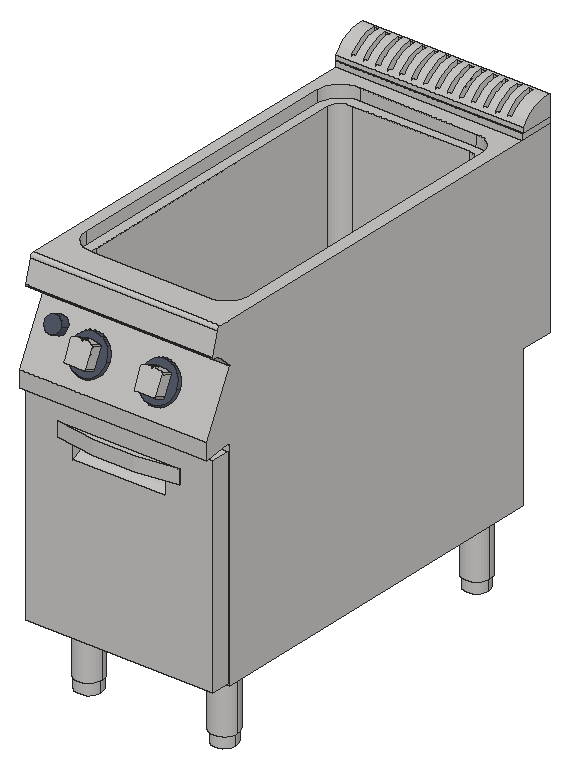
Revit family "QF_ZANUSSI_392410_Z9OOCSBAMC", category Specialty Equipment, Revit 2018
Family settings
  Round Connector Dimension = Use Diameter
  Part Type = Normal
  Work Plane-Based = No
  Always vertical = Yes
  Cut with Voids When Loaded = No
  Shared = No
  Room Calculation Point = No
Parameters (values of type "Standard")
  Weight = 62.00 kg
  Watts = 0 W
  Volts = 0 V
  URL Manufacturer = "http://www.zanussiprofessional.com"
  URL = "http://www.zanussiprofessional.com"
  Steam Supply Size = 0"
  Steam Supply Minimum Pressure = 0.00 psi
  Steam Supply Maximum Pressure = 0.00 psi
  Steam Pounds per Hour = 0
  Show Logo [instance] = yes
  Show Clearance [instance] = yes
  Refrigeration Suction Line Size = 0"
  Refrigeration Liquid Line Size = 0"
  Refrigerant Compressor Remote = yes
  Phase = 0
  Model = "Z9OOCSBAMC"
  Manufacturer = "Zanussi"
  Length Actual = 400 mm  # constant formula
  Item Number = "392410"
  Hot Water Size = 0"
  Height Actual = 850 mm  # constant formula
  HP = "0 HP"
  Gas Size = 1/2"
  Gas KW = 16.5
  Gas Input Pressure = 0.551577 Btu/h
  Direct Waste Size = 1"
  Description = "GAS PASTA COOKER 1X40 LT WELL (AUS)"
  Depth Actual = 900 mm  # constant formula
  Cycle = 0 Hz
  Condensate Return Size = 0"
  Compressed Air Volume = 0 GPM
  Compressed Air Size = 0"
  Compressed Air Pressure = 0.00 psi
  Cold Water Size = 3/4"
  Accessory = yes
Reference planes
  plane 1 "BACK": y = 0
  plane 2: z = 0
  plane 3 "LEFT": x = 0
  plane 4 "RIGHT": x = 400
  plane 5 "FRONT": y = -915
  plane 6 "TOP": z = 908
  plane 7 "Center Y": x = 200
  plane 8 "Center X": y = -457.5
  plane 9 "BASE": z = 600
  plane 10 "TOP A": z = 850
  plane 11: z = 150
  plane 12: y = -126
  plane 13: y = -800
  plane 14: x = 345
  plane 15: x = 55
  plane 16: y = -1273
  plane 17: x = 65
  plane 18: x = 232
  plane 19: x = 334.782
  plane 20: y = -900
Forms (mm)
  Extrusion 1, solid, material "QF_Finishes_Stainless Steel"
    sketch origin (0, 0, 0) x (0, 1, 0) y (0, 0, 1)
      loop
        line (0, 450.038) -> (0, 850) -> (-879.358, 850)
        arc (-879.358, 850) -> (-884.643, 847.811) -> (-886.833, 842.526) r 7.474
        line (-886.833, 842.526) -> (-899.884, 797.011)
        arc (-899.884, 797.011) -> (-899.396, 794.379) -> (-897, 793.184) r 3
        line (-897, 793.184) -> (-886.802, 793.184) -> (-854.982, 761.364) -> (-915, 640.508) -> (-915, 605.508) -> (-858.645, 613.428)
        arc (-858.645, 613.428) -> (-856.101, 612.674) -> (-855, 610.259) r 3.2
        line (-855, 610.259) -> (-855, 150) -> (-71.437, 150) -> (-71.437, 450.038) -> (0, 450.038)
      loop
        line (-900, 600) -> (-900, 155) -> (-860, 155) -> (-860, 600) -> (-900, 600)
    from 0 to 400
  Extrusion 2, void
    sketch origin (0, 0, 850) x (-1, 0, 0) y (0, -1, 0)
      loop
        arc (-75, 101.89) -> (-39.645, 116.535) -> (-25, 151.89) r 50
        line (-25, 151.89) -> (-25, 770)
        arc (-25, 770) -> (-39.645, 805.355) -> (-75, 820) r 50
        line (-75, 820) -> (-325, 820)
        arc (-325, 820) -> (-360.355, 805.355) -> (-375, 770) r 50
        line (-375, 770) -> (-375, 151.89)
        arc (-375, 151.89) -> (-360.355, 116.535) -> (-325, 101.89) r 50
        line (-325, 101.89) -> (-75, 101.89)
    from 0 to -25
  Extrusion 3, solid, material "QF_Clearances", visible <- "Show Clearance", detail levels coarse
    sketch origin (0, 0, 0) x (1, 0, 0) y (0, 1, 0)
      loop
        line (0, -915) -> (0, 0) -> (400, 0) -> (400, -915) -> (550.019, -915) -> (550.019, 150.019) -> (-150.019, 150.019) -> (-150.019, -915) -> (0, -915)
    from 0 to 908
  Revolve 4, solid, material "QF_Finishes_Stainless Steel"
    sketch origin (0, -126, 608.09) x (0, 0, 1) y (-1, 0, 0)
      loop
        line (-608.09, -55) -> (-458.09, -55) -> (-458.09, -26) -> (-583.09, -26) -> (-583.09, -28.75) -> (-608.09, -28.75) -> (-608.09, -55)
      axis (-608.09, -55) -> (-458.09, -55)
    angle from 0 to 360
  Revolve 5, solid, material "QF_Finishes_Stainless Steel"
    sketch origin (400.05, -126, 608.09) x (0, 0, 1) y (-1, 0, 0)
      loop
        line (-608.09, 55.05) -> (-608.09, 29.8) -> (-583.09, 29.8) -> (-583.09, 26.05) -> (-458.09, 26.05) -> (-458.09, 55.05) -> (-608.09, 55.05)
      axis (-608.09, 55.05) -> (-458.09, 55.05)
    angle from 0 to 360
  Revolve 6, solid, material "QF_Finishes_Stainless Steel"
    sketch origin (400.05, -800, 608.09) x (0, 0, 1) y (-1, 0, 0)
      loop
        line (-608.09, 55.05) -> (-608.09, 29.8) -> (-583.09, 29.8) -> (-583.09, 26.05) -> (-458.09, 26.05) -> (-458.09, 55.05) -> (-608.09, 55.05)
      axis (-608.09, 55.05) -> (-458.09, 55.05)
    angle from 0 to 360
  Extrusion 7, solid, material "QF_Finishes_Stainless Steel"
    sketch origin (200, 0, 0) x (0, 1, 0) y (0, 0, 1)
      loop
        line (-71.89, 862.9) -> (-71.89, 850) -> (0, 850) -> (0, 862.9) -> (-71.89, 862.9)
    from -200 to 200
  Revolve 8, solid, material "QF_Finishes_Stainless Steel"
    sketch origin (0, -800, 608.09) x (0, 0, 1) y (1, 0, 0)
      loop
        line (-608.09, 55) -> (-608.09, 28.75) -> (-583.09, 28.75) -> (-583.09, 26) -> (-458.09, 26) -> (-458.09, 55) -> (-608.09, 55)
      axis (-608.09, 55) -> (-458.09, 55)
    angle from 0 to 360
  Extrusion 9, solid, material "QF_Finishes_Stainless Steel"
    sketch origin (0, 0, 574.263) x (0, 1, 0) y (0, 0, 1)
      loop
        line (0, 288.637) -> (0, 333.737)
        arc (0, 333.737) -> (-39.584, 325.765) -> (-69.85, 299.037) r 77.853
        line (-69.85, 299.037) -> (-69.85, 288.637) -> (0, 288.637)
    from 0 to 400
  Extrusion 10, void
    sketch origin (0, 0, 848.9) x (0, -1, 0) y (1, 0, 0)
      loop
        line (6.761, 28.703) -> (63.911, 28.703) -> (63.911, 37.999) -> (6.761, 37.999) -> (6.761, 28.703)
      loop
        line (63.911, 63.487) -> (6.761, 63.487) -> (6.761, 54.191) -> (63.911, 54.191) -> (63.911, 63.487)
      loop
        line (63.911, 89.975) -> (6.761, 89.975) -> (6.761, 80.68) -> (63.911, 80.68) -> (63.911, 89.975)
      loop
        line (63.911, 115.464) -> (6.761, 115.464) -> (6.761, 106.168) -> (63.911, 106.168) -> (63.911, 115.464)
      loop
        line (63.911, 140.952) -> (6.761, 140.952) -> (6.761, 131.656) -> (63.911, 131.656) -> (63.911, 140.952)
      loop
        line (63.911, 166.44) -> (6.761, 166.44) -> (6.761, 157.145) -> (63.911, 157.145) -> (63.911, 166.44)
      loop
        line (63.911, 191.929) -> (6.761, 191.929) -> (6.761, 182.633) -> (63.911, 182.633) -> (63.911, 191.929)
      loop
        line (63.911, 217.417) -> (6.761, 217.417) -> (6.761, 208.121) -> (63.911, 208.121) -> (63.911, 217.417)
      loop
        line (63.911, 242.905) -> (6.761, 242.905) -> (6.761, 233.61) -> (63.911, 233.61) -> (63.911, 242.905)
      loop
        line (63.911, 268.394) -> (6.761, 268.394) -> (6.761, 259.098) -> (63.911, 259.098) -> (63.911, 268.394)
      loop
        line (63.911, 293.882) -> (6.761, 293.882) -> (6.761, 284.586) -> (63.911, 284.586) -> (63.911, 293.882)
      loop
        line (63.911, 319.37) -> (6.761, 319.37) -> (6.761, 310.075) -> (63.911, 310.075) -> (63.911, 319.37)
      loop
        line (63.911, 345.859) -> (6.761, 345.859) -> (6.761, 336.563) -> (63.911, 336.563) -> (63.911, 345.859)
      loop
        line (63.911, 370.347) -> (6.761, 370.347) -> (6.761, 361.051) -> (63.911, 361.051) -> (63.911, 370.347)
    from 25.4 to 63.5
  Extrusion 11, void
    sketch origin (0, 0, 791) x (0, 1, 0) y (-1, 0, 0)
      loop
        arc (-121.89, -75) -> (-130.677, -53.787) -> (-151.89, -45) r 30
        line (-151.89, -45) -> (-606.643, -45)
        arc (-606.643, -45) -> (-627.856, -53.787) -> (-636.643, -75) r 30
        line (-636.643, -75) -> (-636.643, -325)
        arc (-636.643, -325) -> (-627.856, -346.213) -> (-606.643, -355) r 30
        line (-606.643, -355) -> (-151.89, -355)
        arc (-151.89, -355) -> (-130.677, -346.213) -> (-121.89, -325) r 30
        line (-121.89, -325) -> (-121.89, -75)
    from 35 to -339.237
  Extrusion 12, void
    sketch origin (0, -1273.285, 791) x (0, 1, 0) y (-1, 0, 0)
      loop
        line (473.285, -75) -> (473.285, -325)
        arc (473.285, -325) -> (482.072, -346.213) -> (503.285, -355) r 30
        line (503.285, -355) -> (666.643, -355)
        arc (666.643, -355) -> (645.429, -346.213) -> (636.643, -325) r 30
        line (636.643, -325) -> (636.643, -75)
        arc (636.643, -75) -> (645.429, -53.787) -> (666.643, -45) r 30
        line (666.643, -45) -> (503.285, -45)
        arc (503.285, -45) -> (482.072, -53.787) -> (473.285, -75) r 30
    from 35 to -189.237
  Extrusion 13, solid, material "QF_Finishes_Stainless Steel"
    sketch origin (0, 0, 0) x (1, 0, 0) y (0, 1, 0)
      loop
        circle (232, -780) r 12.7
    from 176 to 292.788
  Extrusion 14, solid, material "QF_Finishes_Stainless Steel"
    sketch origin (-72.372, 89.372, 0) x (1, 0, 0) y (0, 1, 0)
      loop
        circle (137.372, -792.372) r 6.35
    from 190 to 292.788
  Extrusion 15, solid, material "QF_Finishes_Stainless Steel"
    sketch origin (152.628, 92.372, 0) x (1, 0, 0) y (0, 1, 0)
      loop
        circle (182.372, -792.372) r 9.525
    from 200 to 331.575
  Extrusion 16, solid, material "QF_Plastic-Black-Matte"
    sketch origin (67.5, -884.991, 700.055) x (0, 0.439631, 0.898178) y (0, 0.898178, -0.439631)
      loop
        line (26.984, -34) -> (23.984, -34) -> (23.984, -35) -> (26.984, -35)
        arc (26.984, -35) -> (27.691, -34.707) -> (27.984, -34) r 1
        line (27.984, -34) -> (27.984, -19) -> (26.984, -19) -> (26.984, -34)
    from -58.5 to -56.5
  Extrusion 17, solid, material "QF_Finishes_Stainless Steel"
    sketch origin (125, -884.991, 700.055) x (-1, 0, 0) y (0, -0.439631, -0.898178)
      loop
        line (17.5, -17.5) -> (17.5, 17.5) -> (-17.5, 17.5) -> (-17.5, -17.5) -> (17.5, -17.5)
    from 5 to 10
  Extrusion 18, solid, material "QF_Finishes_Stainless Steel"
    sketch origin (125, -884.991, 700.055) x (-1, 0, 0) y (0, -0.439631, -0.898178)
      loop
        arc (-21.147, -22.789) -> (0, -26.984) -> (21.147, -22.789) r 55.4
        arc (21.147, -22.789) -> (22.494, -21.685) -> (23, -20.019) r 2.997
        line (23, -20.019) -> (23, 20.019)
        arc (23, 20.019) -> (22.122, 22.138) -> (20.003, 23.016) r 2.997
        line (20.003, 23.016) -> (-20.003, 23.016)
        arc (-20.003, 23.016) -> (-22.122, 22.138) -> (-23, 20.019) r 2.997
        line (-23, 20.019) -> (-23, -20.019)
        arc (-23, -20.019) -> (-22.494, -21.685) -> (-21.147, -22.789) r 2.997
    from 10 to 34
  Blend 19, solid, material "QF_Finishes_Navy Blue"
    base sketch origin (125, -884.991, 700.055) x (1, 0, 0) y (0, 0.439631, 0.898178)
      loop
        circle (0, 0) r 42.5
    top sketch origin (125, -884.991, 700.055) x (1, 0, 0) y (0, 0.439631, 0.898178)
      loop
        circle (0, 0) r 40.5
    from 0 to 5
  Extrusion 20, solid, material "QF_Finishes_Navy Blue"
    sketch origin (107.51, -872.359, 725.862) x (1, 0, 0) y (0, 0.439631, 0.898178)
      loop
        circle (-55.001, 0) r 18
    from 3 to 23
  Extrusion 21, solid, material "QF_Finishes_Stainless Steel"
    sketch origin (-31.491, -872.359, 725.862) x (1, 0, 0) y (0, 0.439631, 0.898178)
      loop
        circle (84, 0) r 15
    from 3 to 0
  Extrusion 22, solid, material "QF_Plastic-Black-Matte"
    sketch origin (217.5, -884.991, 700.055) x (0, 0.439631, 0.898178) y (0, 0.898178, -0.439631)
      loop
        line (26.984, -34) -> (23.984, -34) -> (23.984, -35) -> (26.984, -35)
        arc (26.984, -35) -> (27.691, -34.707) -> (27.984, -34) r 1
        line (27.984, -34) -> (27.984, -19) -> (26.984, -19) -> (26.984, -34)
    from -58.5 to -56.5
  Extrusion 23, solid, material "QF_Finishes_Stainless Steel"
    sketch origin (275, -884.991, 700.055) x (-1, 0, 0) y (0, -0.439631, -0.898178)
      loop
        line (17.5, -17.5) -> (17.5, 17.5) -> (-17.5, 17.5) -> (-17.5, -17.5) -> (17.5, -17.5)
    from 5 to 10
  Extrusion 24, solid, material "QF_Finishes_Stainless Steel"
    sketch origin (275, -884.991, 700.055) x (-1, 0, 0) y (0, -0.439631, -0.898178)
      loop
        arc (-21.147, -22.789) -> (0, -26.984) -> (21.147, -22.789) r 55.4
        arc (21.147, -22.789) -> (22.494, -21.685) -> (23, -20.019) r 2.997
        line (23, -20.019) -> (23, 20.019)
        arc (23, 20.019) -> (22.122, 22.138) -> (20.003, 23.016) r 2.997
        line (20.003, 23.016) -> (-20.003, 23.016)
        arc (-20.003, 23.016) -> (-22.122, 22.138) -> (-23, 20.019) r 2.997
        line (-23, 20.019) -> (-23, -20.019)
        arc (-23, -20.019) -> (-22.494, -21.685) -> (-21.147, -22.789) r 2.997
    from 10 to 34
  Blend 25, solid, material "QF_Finishes_Navy Blue"
    base sketch origin (275, -884.991, 700.055) x (1, 0, 0) y (0, 0.439631, 0.898178)
      loop
        circle (0, 0) r 42.5
    top sketch origin (275, -884.991, 700.055) x (1, 0, 0) y (0, 0.439631, 0.898178)
      loop
        circle (0, 0) r 40.5
    from 0 to 5
  Extrusion 26, solid, material "QF_Finishes_Door Clearance", visible <- "Show Clearance", detail levels coarse
    sketch origin (0, -200, 850) x (-1, 0, 0) y (0, -1, 0)
      loop
        arc (0, 672.137) -> (-117.157, 954.98) -> (-400, 1072.137) r 400
        line (-400, 1072.137) -> (-400, 672.137) -> (0, 672.137)
    from -695 to -250
  Extrusion 27, solid, material "QF_Finishes_Stainless Steel"
    sketch origin (-77.88, -4772, 130) x (-1, 0, 0) y (0, -1, 0)
      loop
        arc (-147.606, -3871.085) -> (-277.88, -3857) -> (-408.153, -3871.085) r 609.497
        line (-408.153, -3871.085) -> (-408.153, -3872) -> (-147.606, -3872) -> (-147.606, -3871.085)
    from 400 to 430
  Extrusion 28, void
    sketch origin (200, -227.862, -20) x (0, 1, 0) y (0, 0, 1)
      loop
        line (-672.137, 567) -> (-672.137, 517)
        arc (-672.137, 517) -> (-656.47, 524.721) -> (-650.137, 541) r 24.091
        line (-650.137, 541) -> (-650.137, 567) -> (-672.137, 567)
    from -100 to 100
Cuts and joins
  Extrusion 2, Extrusion 11, Extrusion 12, Extrusion 28 cuts Extrusion 1
  Extrusion 10 cuts Extrusion 9
Lines and regions (mm)
  Split face 1
    outline origin (125, -889.482, 702.253) x (1, 0, 0) y (0, 0.439631, 0.898178)
      loop
        circle (0, 34.714) r 1.714
  Split face 2
    outline origin (125, -889.482, 702.253) x (1, 0, 0) y (0, 0.439631, 0.898178)
      loop
        circle (-17.357, 30.063) r 2
  Split face 3
    outline origin (125, -889.482, 702.253) x (1, 0, 0) y (0, 0.439631, 0.898178)
      loop
        circle (17.357, 30.063) r 2
  Split face 4
    outline origin (125, -889.482, 702.253) x (1, 0, 0) y (0, 0.439631, 0.898178)
      loop
        line (-23.985, -28.584) -> (-20.542, -24.481)
        arc (-20.542, -24.481) -> (-27.511, -15.911) -> (-31.231, -5.511) r 32.719
        line (-31.231, -5.511) -> (-37.141, -6.549)
        arc (-37.141, -6.549) -> (-32.568, -18.764) -> (-23.985, -28.584) r 36.411
  Split face 5
    outline origin (125, -889.482, 702.253) x (1, 0, 0) y (0, 0.439631, 0.898178)
      loop
        arc (20.441, -26.163) -> (0.211, -32.559) -> (-19.689, -25.201) r 32.719
        line (-19.689, -25.201) -> (-22.952, -29.377)
        arc (-22.952, -29.377) -> (-0.277, -36.495) -> (21.959, -28.107) r 36.411
        line (21.959, -28.107) -> (20.441, -26.163)
  Split face 6
    outline origin (125, -889.482, 702.253) x (1, 0, 0) y (0, 0.439631, 0.898178)
      loop
        line (21.361, -25.457) -> (22.903, -27.295)
        arc (22.903, -27.295) -> (31.935, -14.958) -> (35.104, 0) r 36.411
        line (35.104, 0) -> (33.714, 0)
        arc (33.714, 0) -> (30.431, -14.133) -> (21.361, -25.457) r 32.719
  Split face 7
    outline origin (125, -889.482, 702.253) x (1, 0, 0) y (0, 0.439631, 0.898178)
      loop
        arc (-37.695, 1.149) -> (-34.899, -3.19) -> (-31.619, 0.795) r 3.195
        line (-31.619, 0.795) -> (-32.379, 3.751)
        arc (-32.379, 3.751) -> (-34.462, 5.448) -> (-36.693, 3.952) r 2.258
        line (-36.693, 3.952) -> (-37.695, 1.149)
  Split face 8
    outline origin (275, -889.482, 702.253) x (1, 0, 0) y (0, 0.439631, 0.898178)
      loop
        arc (-0.521, 36.501) -> (-26.491, 26.394) -> (-37.708, 0.884) r 36.411
        line (-37.708, 0.884) -> (-31.708, 0.884)
        arc (-31.708, 0.884) -> (-21.998, 23.844) -> (-0.521, 36.501) r 39.733
  symbolic lines, style "QF_Clearances", visible <- "Show Clearance", detail levels coarse
    curve 1: line (-150.019, 150.019, 850) -> (-150.019, -915, 850)
    curve 2: line (550.019, 150.019, 850) -> (-150.019, 150.019, 850)
    curve 3: line (550.019, -915, 850) -> (550.019, 150.019, 850)
  symbolic lines
    curve 4: line (0, -915, 850) -> (0, 0, 850)
    curve 5: line (400, 0, 850) -> (400, -915, 850)
    curve 7: line (0, -71.89, 850) -> (400, -71.89, 850)
    curve 8: line (0, 0, 850) -> (400, 0, 850)
    curve 9: line (28.703, -6.761, 850) -> (37.999, -6.761, 850)
    curve 10: line (28.703, -63.911, 850) -> (28.703, -6.761, 850)
    curve 11: line (37.999, -63.911, 850) -> (28.703, -63.911, 850)
    curve 12: line (37.999, -6.761, 850) -> (37.999, -63.911, 850)
    curve 13: line (54.191, -6.761, 850) -> (63.487, -6.761, 850)
    curve 14: line (54.191, -63.911, 850) -> (54.191, -6.761, 850)
    curve 15: line (63.487, -63.911, 850) -> (54.191, -63.911, 850)
    curve 16: line (63.487, -6.761, 850) -> (63.487, -63.911, 850)
    curve 17: line (80.68, -6.761, 850) -> (89.975, -6.761, 850)
    curve 18: line (80.68, -63.911, 850) -> (80.68, -6.761, 850)
    curve 19: line (89.975, -63.911, 850) -> (80.68, -63.911, 850)
    curve 20: line (89.975, -6.761, 850) -> (89.975, -63.911, 850)
    curve 21: line (106.168, -6.761, 850) -> (115.464, -6.761, 850)
    curve 22: line (106.168, -63.911, 850) -> (106.168, -6.761, 850)
    curve 23: line (115.464, -63.911, 850) -> (106.168, -63.911, 850)
    curve 24: line (115.464, -6.761, 850) -> (115.464, -63.911, 850)
    curve 25: line (131.656, -6.761, 850) -> (140.952, -6.761, 850)
    curve 26: line (131.656, -63.911, 850) -> (131.656, -6.761, 850)
    curve 27: line (140.952, -63.911, 850) -> (131.656, -63.911, 850)
    curve 28: line (140.952, -6.761, 850) -> (140.952, -63.911, 850)
    curve 29: line (157.145, -6.761, 850) -> (166.44, -6.761, 850)
    curve 30: line (157.145, -63.911, 850) -> (157.145, -6.761, 850)
    curve 31: line (166.44, -63.911, 850) -> (157.145, -63.911, 850)
    curve 32: line (166.44, -6.761, 850) -> (166.44, -63.911, 850)
    curve 33: line (182.633, -6.761, 850) -> (191.929, -6.761, 850)
    curve 34: line (182.633, -63.911, 850) -> (182.633, -6.761, 850)
    curve 35: line (191.929, -63.911, 850) -> (182.633, -63.911, 850)
    curve 36: line (191.929, -6.761, 850) -> (191.929, -63.911, 850)
    curve 37: line (208.121, -6.761, 850) -> (218.417, -6.761, 850)
    curve 38: line (208.121, -63.911, 850) -> (208.121, -6.761, 850)
    curve 39: line (218.417, -63.911, 850) -> (208.121, -63.911, 850)
    curve 40: line (218.417, -6.761, 850) -> (218.417, -63.911, 850)
    curve 41: line (234.61, -6.761, 850) -> (243.905, -6.761, 850)
    curve 42: line (234.61, -63.911, 850) -> (234.61, -6.761, 850)
    curve 43: line (243.905, -63.911, 850) -> (234.61, -63.911, 850)
    curve 44: line (243.905, -6.761, 850) -> (243.905, -63.911, 850)
    curve 45: line (260.098, -6.761, 850) -> (269.394, -6.761, 850)
    curve 46: line (260.098, -63.911, 850) -> (260.098, -6.761, 850)
    curve 47: line (269.394, -63.911, 850) -> (260.098, -63.911, 850)
    curve 48: line (269.394, -6.761, 850) -> (269.394, -63.911, 850)
    curve 49: line (285.586, -6.761, 850) -> (294.882, -6.761, 850)
    curve 50: line (285.586, -63.911, 850) -> (285.586, -6.761, 850)
    curve 51: line (294.882, -63.911, 850) -> (285.586, -63.911, 850)
    curve 52: line (294.882, -6.761, 850) -> (294.882, -63.911, 850)
    curve 53: line (311.075, -6.761, 850) -> (320.37, -6.761, 850)
    curve 54: line (311.075, -63.911, 850) -> (311.075, -6.761, 850)
    curve 55: line (320.37, -63.911, 850) -> (311.075, -63.911, 850)
    curve 56: line (320.37, -6.761, 850) -> (320.37, -63.911, 850)
    curve 57: line (336.563, -6.761, 850) -> (345.859, -6.761, 850)
    curve 58: line (336.563, -63.911, 850) -> (336.563, -6.761, 850)
    curve 59: line (345.859, -63.911, 850) -> (336.563, -63.911, 850)
    curve 60: line (345.859, -6.761, 850) -> (345.859, -63.911, 850)
    curve 61: line (361.051, -6.761, 850) -> (370.347, -6.761, 850)
    curve 62: line (361.051, -63.911, 850) -> (361.051, -6.761, 850)
    curve 63: line (370.347, -63.911, 850) -> (361.051, -63.911, 850)
    curve 64: line (370.347, -6.761, 850) -> (370.347, -63.911, 850)
    curve 65: line (25, -770, 850) -> (25, -151.89, 850)
    curve 66: arc (25, -151.89, 850) -> (39.645, -116.535, 850) -> (75, -101.89, 850) r 50
    curve 67: line (75, -101.89, 850) -> (325, -101.89, 850)
    curve 68: arc (325, -101.89, 850) -> (360.355, -116.535, 850) -> (375, -151.89, 850) r 50
    curve 69: line (375, -151.89, 850) -> (375, -770, 850)
    curve 70: arc (375, -770, 850) -> (360.355, -805.355, 850) -> (325, -820, 850) r 50
    curve 71: line (325, -820, 850) -> (75, -820, 850)
    curve 72: arc (75, -820, 850) -> (39.645, -805.355, 850) -> (25, -770, 850) r 50
    curve 73: line (75, -121.89, 850) -> (325, -121.89, 850)
    curve 74: arc (325, -121.89, 850) -> (346.213, -130.677, 850) -> (355, -151.89, 850) r 30
    curve 75: line (355, -151.89, 850) -> (355, -770, 850)
    curve 76: arc (355, -770, 850) -> (346.213, -791.213, 850) -> (325, -800, 850) r 30
    curve 77: line (325, -800, 850) -> (75, -800, 850)
    curve 78: arc (75, -800, 850) -> (53.787, -791.213, 850) -> (45, -770, 850) r 30
    curve 79: line (45, -770, 850) -> (45, -151.89, 850)
    curve 80: arc (45, -151.89, 850) -> (53.787, -130.677, 850) -> (75, -121.89, 850) r 30
    curve 81: line (75, -636.643, 850) -> (325, -636.643, 850)
    curve 82: arc (45, -606.643, 850) -> (53.787, -627.856, 850) -> (75, -636.643, 850) r 30
    curve 83: arc (325, -636.643, 850) -> (346.213, -627.856, 850) -> (355, -606.643, 850) r 30
    curve 84: line (0, -899.968, 0) -> (400.05, -899.968, 0)
    curve 85: line (102, -899.968, 0) -> (102, -924.314, 0)
    curve 86: arc (102, -924.314, 0) -> (102.146, -924.778, 0) -> (102.532, -925.074, 0) r 0.809
    curve 87: arc (102.532, -925.074, 0) -> (103.72, -925.555, 0) -> (104.997, -925.648, 0) r 4.127
    curve 88: arc (102, -904.26, 0) -> (96.959, -902.426, 0) -> (92.191, -899.968, 0) r 42.24
    curve 89: arc (102, -906.507, 0) -> (102.502, -905.785, 0) -> (103.299, -905.416, 0) r 1.682
    curve 90: arc (103.299, -905.416, 0) -> (113.602, -903.918, 0) -> (124, -903.409, 0) r 109.079
    curve 91: line (124, -899.968, 0) -> (124, -905.639, 0)
    curve 92: line (124, -905.639, 0) -> (126, -905.639, 0)
    curve 93: line (126, -905.639, 0) -> (126, -899.968, 0)
    curve 94: line (148, -899.968, 0) -> (148, -924.314, 0)
    curve 95: arc (148, -924.314, 0) -> (147.854, -924.778, 0) -> (147.468, -925.074, 0) r 0.809
    curve 96: arc (147.468, -925.074, 0) -> (146.28, -925.555, 0) -> (145.003, -925.648, 0) r 4.127
    curve 97: arc (148, -904.26, 0) -> (153.041, -902.426, 0) -> (157.809, -899.968, 0) r 42.24
    curve 98: arc (148, -906.507, 0) -> (147.498, -905.785, 0) -> (146.701, -905.416, 0) r 1.682
    curve 99: arc (146.701, -905.416, 0) -> (136.398, -903.918, 0) -> (126, -903.409, 0) r 109.079
    curve 100: line (104.997, -925.648, 0) -> (145.003, -925.648, 0)
    curve 101: line (298, -899.968, 0) -> (298, -924.314, 0)
    curve 102: arc (298, -924.314, 0) -> (297.854, -924.778, 0) -> (297.468, -925.074, 0) r 0.809
    curve 103: arc (297.468, -925.074, 0) -> (296.28, -925.555, 0) -> (295.003, -925.648, 0) r 4.127
    curve 104: arc (298, -904.26, 0) -> (303.041, -902.426, 0) -> (307.809, -899.968, 0) r 42.24
    curve 105: arc (298, -906.507, 0) -> (297.498, -905.785, 0) -> (296.701, -905.416, 0) r 1.682
    curve 106: arc (296.701, -905.416, 0) -> (286.398, -903.918, 0) -> (276, -903.409, 0) r 109.079
    curve 107: line (276, -899.968, 0) -> (276, -905.639, 0)
    curve 108: line (276, -905.639, 0) -> (274, -905.639, 0)
    curve 109: line (274, -905.639, 0) -> (274, -899.968, 0)
    curve 110: line (252, -899.968, 0) -> (252, -924.314, 0)
    curve 111: arc (252, -924.314, 0) -> (252.146, -924.778, 0) -> (252.532, -925.074, 0) r 0.809
    curve 112: arc (252.532, -925.074, 0) -> (253.72, -925.555, 0) -> (254.997, -925.648, 0) r 4.127
    curve 113: arc (252, -904.26, 0) -> (246.959, -902.426, 0) -> (242.191, -899.968, 0) r 42.24
    curve 114: arc (252, -906.507, 0) -> (252.502, -905.785, 0) -> (253.299, -905.416, 0) r 1.682
    curve 115: arc (253.299, -905.416, 0) -> (263.602, -903.918, 0) -> (274, -903.409, 0) r 109.079
    curve 116: line (295.003, -925.648, 0) -> (254.997, -925.648, 0)
    curve 117: line (148, -914.968, 0) -> (252, -914.968, 0)
    curve 118: line (298, -914.968, 0) -> (400.05, -914.968, 0)
  symbolic lines, style "QF_Door-Drawer Clearances"
    curve 6: line (52.619, -1070.447, 850) -> (326.76, -915, 850)
    curve 119: arc (2.268, -914.676, 0) -> (19.39, -995.165, 0) -> (52.619, -1070.447, 0) r 400
  symbolic lines, style "SpecialityEquipment"
    curve 120: line (102, -915, 0) -> (0, -915, 0)
Dimensions and locks
  equal spacing: plane 3 "LEFT", plane 7 "Center Y", plane 4 "RIGHT"
  plane 3 "LEFT" to plane 4 "RIGHT" = 400 mm
  equal spacing: plane 5 "FRONT", plane 8 "Center X", plane 1 "BACK"
  plane 5 "FRONT" to plane 1 "BACK" = 915 mm  (x2)
  plane 1 "BACK" to plane 5 "FRONT" = 915 mm
  plane 11 to level = 150 mm
  plane 1 "BACK" to plane 12 = 126 mm
  plane 12 to plane 13 = 674 mm
  plane 4 "RIGHT" to plane 14 = 55 mm
  plane 15 to plane 3 "LEFT" = 55 mm
  plane 4 "RIGHT" to plane 3 "LEFT" = 400 mm
  plane 5 "FRONT" to plane 16 = 358 mm
  plane 1 "BACK" to curve 2 = 150.019 mm
  plane 4 "RIGHT" to curve 3 = 150.019 mm
  curve 1 to plane 3 "LEFT" = 150.019 mm
  plane 10 "TOP A" to level = 850 mm
  plane 10 "TOP A" to plane 11 = 700 mm
  plane 10 "TOP A" to plane 11 to level = 700 mm, 150 mm
  plane 6 "TOP" to level = 908 mm
  plane 14 to plane 15 = 290 mm
  plane 3 "LEFT" to Extrusion 13 sketch curve = 232 mm
  Extrusion 13 sketch curve to plane 1 "BACK" = 780 mm
  plane 3 "LEFT" to Extrusion 14 sketch curve = 65 mm
  Extrusion 14 sketch curve to plane 1 "BACK" = 703 mm
  Extrusion 14 to plane 1 "BACK" = 703 mm
  Extrusion 13 to plane 1 "BACK" = 780 mm
  plane 3 "LEFT" to plane 17 = 65 mm
  plane 3 "LEFT" to plane 18 = 232 mm
  plane 19 to plane 4 "RIGHT" = 65.218 mm
  Extrusion 15 to plane 1 "BACK" = 700 mm
  plane 1 "BACK" to Extrusion 15 = 700 mm
  plane 1 "BACK" to Extrusion 14 = 703 mm
  plane 1 "BACK" to Extrusion 13 = 780 mm
  plane 20 to plane 5 "FRONT" = 15 mm
  aligned and locked: level to plane 2
  aligned and locked: plane 4 "RIGHT" to Extrusion 1
  aligned and locked: plane 6 "TOP" to Extrusion 3
  aligned and locked: plane 13 to Revolve 6
  aligned and locked: plane 12 to Revolve 4
  aligned and locked: plane 12 to Revolve 5
  aligned and locked: plane 4 "RIGHT" to Extrusion 7
  aligned and locked: plane 13 to Revolve 8
Automatic sketch dimensions
  Extrusion 2 sketch curve to plane 4 "RIGHT" = 25 mm
  plane 19 to Extrusion 2 sketch curve = 9.782 mm  (x2)
  Extrusion 2 sketch curve to plane 17 = 10 mm  (x2)
  plane 3 "LEFT" to Extrusion 2 sketch curve = 25 mm
  Extrusion 2 sketch curve to plane 12 = 24.11 mm
  Extrusion 2 sketch curve to plane 13 = 30 mm
  plane 5 "FRONT" to Extrusion 3 sketch curve = 0 mm  (x2)
  plane 1 "BACK" to Extrusion 3 sketch curve = 0 mm
  Extrusion 3 sketch curve to plane 3 "LEFT" = 0 mm
  Extrusion 3 sketch curve to plane 4 "RIGHT" = 0 mm
  Extrusion 3 sketch curve to plane 3 "LEFT" = 150.019 mm
  plane 4 "RIGHT" to Extrusion 3 sketch curve = 150.019 mm
  Extrusion 3 sketch curve to plane 1 "BACK" = 150.019 mm
  Revolve 4 sketch curve to level = 0 mm
  Revolve 4 sketch curve to plane 11 = 0 mm  (x2)
  Revolve 4 sketch curve to plane 15 = 0 mm  (x2)
  level to Revolve 4 sketch curve = 25 mm
  plane 11 to Revolve 4 sketch curve = 20 mm
  Revolve 4 sketch curve to plane 15 = 26.25 mm
  plane 3 "LEFT" to Revolve 4 sketch curve = 26 mm
  Revolve 5 sketch curve to level = 0 mm
  Revolve 5 sketch curve to plane 11 = 0 mm  (x2)
  Revolve 5 sketch curve to plane 14 = 0 mm  (x2)
  level to Revolve 5 sketch curve = 25 mm
  plane 11 to Revolve 5 sketch curve = 20 mm
  plane 14 to Revolve 5 sketch curve = 25.25 mm
  Revolve 5 sketch curve to plane 4 "RIGHT" = 26 mm
  Revolve 6 sketch curve to level = 0 mm
  Revolve 6 sketch curve to plane 11 = 0 mm  (x2)
  Revolve 6 sketch curve to plane 14 = 0 mm  (x2)
  level to Revolve 6 sketch curve = 25 mm
  plane 11 to Revolve 6 sketch curve = 20 mm
  plane 14 to Revolve 6 sketch curve = 25.25 mm
  Revolve 6 sketch curve to plane 4 "RIGHT" = 26 mm
  Extrusion 7 sketch curve to plane 10 "TOP A" = 0 mm
  Extrusion 7 sketch curve to plane 1 "BACK" = 0 mm
  plane 10 "TOP A" to Extrusion 7 sketch curve = 12.9 mm
  Extrusion 7 sketch curve to plane 12 = 54.11 mm
  Revolve 8 sketch curve to level = 0 mm
  Revolve 8 sketch curve to plane 11 = 0 mm  (x2)
  Revolve 8 sketch curve to plane 15 = 0 mm  (x2)
  level to Revolve 8 sketch curve = 25 mm
  plane 11 to Revolve 8 sketch curve = 20 mm
  Revolve 8 sketch curve to plane 15 = 26.25 mm
  plane 3 "LEFT" to Revolve 8 sketch curve = 26 mm
  Extrusion 9 sketch curve to plane 1 "BACK" = 0 mm
  Extrusion 9 sketch curve to plane 6 "TOP" = 0 mm
  plane 1 "BACK" to Extrusion 9 sketch curve = 4.947 mm
  plane 10 "TOP A" to Extrusion 9 sketch curve = 23.3 mm
  plane 1 "BACK" to Extrusion 9 sketch curve = 69.85 mm
  plane 10 "TOP A" to Extrusion 9 sketch curve = 12.9 mm
  plane 1 "BACK" to Extrusion 10 sketch curve = 6.761 mm  (x14)
  Extrusion 10 sketch curve to plane 19 = 1.781 mm
  plane 17 to Extrusion 10 sketch curve = 1.513 mm
  Extrusion 10 sketch curve to plane 18 = 1.61 mm
  plane 18 to Extrusion 10 sketch curve = 14.583 mm
  Extrusion 10 sketch curve to Extrusion 10 sketch curve = 57.15 mm
  Extrusion 10 sketch curve to plane 7 "Center Y" = 8.071 mm
  Extrusion 10 sketch curve to Extrusion 10 sketch curve = 0 mm  (x13)
  Extrusion 10 sketch curve to plane 18 = 10.905 mm
  plane 14 to Extrusion 10 sketch curve = 0.859 mm
  Extrusion 10 sketch curve to plane 15 = 0.809 mm
  Extrusion 10 sketch curve to Extrusion 10 sketch curve = 16.193 mm  (x7)
  Extrusion 10 sketch curve to Extrusion 10 sketch curve = 9.296 mm  (x10)
  Extrusion 10 sketch curve to plane 17 = 15.68 mm
  plane 7 "Center Y" to Extrusion 10 sketch curve = 8.121 mm
  Extrusion 10 sketch curve to Extrusion 10 sketch curve = 15.193 mm
  plane 19 to Extrusion 11 sketch curve = 9.782 mm
  Extrusion 11 sketch curve to plane 13 = 163.357 mm
  Extrusion 11 sketch curve to plane 17 = 10 mm
  Extrusion 11 sketch curve to Extrusion 11 sketch curve = 30 mm
  plane 14 to Extrusion 11 sketch curve = 10 mm
  plane 12 to Extrusion 11 sketch curve = 25.89 mm  (x2)
  Extrusion 11 sketch curve to plane 12 = 4.11 mm
  plane 13 to Extrusion 12 sketch curve = 0 mm
  Extrusion 12 sketch curve to plane 17 = 10 mm  (x2)
  Extrusion 12 sketch curve to Extrusion 12 sketch curve = 30 mm  (x5)
  plane 19 to Extrusion 12 sketch curve = 9.782 mm
  Extrusion 12 sketch curve to Extrusion 12 sketch curve = 133.357 mm
  plane 14 to Extrusion 12 sketch curve = 10 mm
  Extrusion 12 sketch curve to Extrusion 12 sketch curve = 0 mm
  Extrusion 15 sketch curve to plane 19 = 0.218 mm
  Extrusion 15 sketch curve to plane 13 = 100 mm
  Extrusion 16 sketch curve to plane 5 "FRONT" = 9.117 mm
  Extrusion 16 sketch curve to plane 10 "TOP A" = 113.016 mm
  Extrusion 16 sketch curve to Extrusion 16 sketch curve = 3 mm
  Extrusion 16 sketch curve to Extrusion 16 sketch curve = 0 mm
  Extrusion 16 sketch curve to Extrusion 16 sketch curve = 1 mm  (x2)
  Extrusion 16 sketch curve to Extrusion 16 sketch curve = 15 mm
  plane 3 "LEFT" to Extrusion 17 sketch curve = 142.5 mm
  plane 3 "LEFT" to Extrusion 17 sketch curve = 107.5 mm
  Extrusion 17 sketch curve to Extrusion 17 sketch curve = 35 mm
  plane 3 "LEFT" to Extrusion 18 sketch curve = 125 mm
  plane 3 "LEFT" to Extrusion 18 sketch curve = 145.003 mm  (x2)
  Extrusion 18 sketch curve to Extrusion 18 sketch curve = 2.997 mm  (x2)
  plane 3 "LEFT" to Extrusion 18 sketch curve = 104.997 mm  (x2)
  Extrusion 18 sketch curve to Extrusion 18 sketch curve = 0 mm  (x2)
  Extrusion 18 sketch curve to Extrusion 18 sketch curve = 40.037 mm
  Extrusion 18 sketch curve to Extrusion 18 sketch curve = 5.399 mm
  plane 3 "LEFT" to Blend 19 sketch curve = 125 mm  (x2)
  Split face 4 sketch curve to Split face 4 sketch curve = 5.909 mm
  Split face 4 sketch curve to Split face 4 sketch curve = 7.246 mm
  Split face 4 sketch curve to Split face 4 sketch curve = 3.443 mm
  Split face 4 sketch curve to Split face 4 sketch curve = 29.925 mm
  Split face 4 sketch curve to Split face 4 sketch curve = 2.301 mm
  Split face 4 sketch curve to Split face 4 sketch curve = 4.103 mm
  Split face 4 sketch curve to Split face 4 sketch curve = 17.932 mm
  Split face 4 sketch curve to Split face 4 sketch curve = 1.038 mm
  Split face 5 sketch curve to Split face 5 sketch curve = 3.262 mm
  Split face 5 sketch curve to Split face 5 sketch curve = 18.383 mm
  Split face 5 sketch curve to Split face 5 sketch curve = 2.301 mm
  Split face 5 sketch curve to Split face 5 sketch curve = 19.446 mm
  Split face 5 sketch curve to Split face 5 sketch curve = 1.519 mm
  Split face 5 sketch curve to Split face 5 sketch curve = 1.27 mm
  Split face 5 sketch curve to Split face 5 sketch curve = 1.944 mm
  Split face 5 sketch curve to Split face 5 sketch curve = 4.176 mm
  Split face 6 sketch curve to Split face 6 sketch curve = 2.301 mm
  Split face 6 sketch curve to Split face 6 sketch curve = 20.366 mm
  Split face 6 sketch curve to Split face 6 sketch curve = 1.542 mm
  Split face 6 sketch curve to Split face 6 sketch curve = 12.353 mm
  Split face 6 sketch curve to Split face 6 sketch curve = 1.391 mm
  Split face 6 sketch curve to Split face 6 sketch curve = 1.838 mm
  Split face 6 sketch curve to Split face 6 sketch curve = 25.358 mm
  Split face 7 sketch curve to Split face 7 sketch curve = 1.002 mm
  Split face 7 sketch curve to Split face 7 sketch curve = 2.982 mm
  Split face 7 sketch curve to Split face 7 sketch curve = 2.127 mm
  Split face 7 sketch curve to Split face 7 sketch curve = 2.188 mm
  Split face 7 sketch curve to Split face 7 sketch curve = 0.76 mm
  Split face 7 sketch curve to Split face 7 sketch curve = 0.795 mm
  Split face 7 sketch curve to Split face 7 sketch curve = 3.192 mm
  Split face 7 sketch curve to Split face 7 sketch curve = 0.559 mm
  plane 3 "LEFT" to Extrusion 20 sketch curve = 52.509 mm
  plane 3 "LEFT" to Extrusion 21 sketch curve = 52.509 mm
  Extrusion 22 sketch curve to plane 5 "FRONT" = 9.117 mm
  Extrusion 22 sketch curve to plane 10 "TOP A" = 113.016 mm
  Extrusion 22 sketch curve to Extrusion 22 sketch curve = 3 mm
  Extrusion 22 sketch curve to Extrusion 22 sketch curve = 0 mm
  Extrusion 22 sketch curve to Extrusion 22 sketch curve = 1 mm  (x2)
  Extrusion 22 sketch curve to Extrusion 22 sketch curve = 15 mm
  plane 7 "Center Y" to Extrusion 23 sketch curve = 92.5 mm
  Extrusion 23 sketch curve to Extrusion 23 sketch curve = 35 mm  (x2)
  plane 7 "Center Y" to Extrusion 24 sketch curve = 98 mm
  Extrusion 24 sketch curve to Extrusion 24 sketch curve = 2.997 mm  (x3)
  Extrusion 24 sketch curve to Extrusion 24 sketch curve = 20.003 mm  (x2)
  Extrusion 24 sketch curve to Extrusion 24 sketch curve = 40.005 mm
  Extrusion 24 sketch curve to Extrusion 24 sketch curve = 0 mm  (x2)
  Extrusion 24 sketch curve to Extrusion 24 sketch curve = 40.037 mm
  Extrusion 24 sketch curve to Extrusion 24 sketch curve = 5.399 mm
  plane 7 "Center Y" to Blend 25 sketch curve = 75 mm  (x2)
  Split face 8 sketch curve to Split face 8 sketch curve = 6 mm
  Split face 8 sketch curve to Split face 8 sketch curve = 30.402 mm
  Split face 8 sketch curve to Split face 8 sketch curve = 9.201 mm
  Split face 8 sketch curve to Split face 8 sketch curve = 2.43 mm
  Split face 8 sketch curve to Split face 8 sketch curve = 0.785 mm
  Extrusion 26 sketch curve to plane 4 "RIGHT" = 0 mm
  Extrusion 26 sketch curve to plane 3 "LEFT" = 0 mm
  plane 20 to Extrusion 26 sketch curve = 27.863 mm
  Extrusion 27 sketch curve to plane 20 = 0 mm
  Extrusion 27 sketch curve to plane 7 "Center Y" = 0 mm
  plane 19 to Extrusion 27 sketch curve = 4.509 mm
  Extrusion 27 sketch curve to plane 17 = 4.727 mm
  plane 8 "Center X" to Extrusion 27 sketch curve = 151.997 mm
  Extrusion 27 sketch curve to plane 20 = 0.915 mm
  Extrusion 28 sketch curve to plane 20 = 0 mm
  Extrusion 28 sketch curve to plane 20 = 2.091 mm
  Extrusion 28 sketch curve to Extrusion 28 sketch curve = 22 mm
  Extrusion 28 sketch curve to plane 9 "BASE" = 103 mm
  Extrusion 28 sketch curve to Extrusion 28 sketch curve = 26 mm
  curve 66 to curve 80 = 0 mm  (x2)
  curve 68 to curve 74 = 0 mm
  curve 70 to curve 76 = 0 mm  (x2)
  curve 72 to curve 78 = 0 mm  (x2)
  plane 1 "BACK" to curve 8 = 0 mm
  curve 8 to plane 4 "RIGHT" = 0 mm
  plane 5 "FRONT" to curve 6 = 0 mm
  plane 13 to curve 77 = 0 mm
  curve 4 to plane 3 "LEFT" = 0 mm
  plane 5 "FRONT" to curve 1 = 0 mm
  plane 5 "FRONT" to curve 5 = 0 mm
  plane 5 "FRONT" to curve 4 = 0 mm
  plane 5 "FRONT" to curve 3 = 0 mm
  curve 69 to plane 4 "RIGHT" = 25 mm
  plane 1 "BACK" to curve 61 = 6.761 mm
  plane 14 to curve 61 = 25.347 mm
  curve 61 to curve 62 = 9.296 mm
  plane 14 to curve 75 = 10 mm
  plane 14 to curve 60 = 0.859 mm
  curve 59 to plane 19 = 1.781 mm
  plane 19 to curve 68 = 9.782 mm
  plane 19 to curve 70 = 9.782 mm
  plane 1 "BACK" to curve 56 = 6.761 mm
  plane 19 to curve 56 = 14.412 mm
  curve 55 to curve 54 = 9.296 mm
  plane 1 "BACK" to curve 52 = 6.761 mm
  curve 53 to curve 52 = 16.193 mm
  curve 51 to curve 50 = 9.296 mm
  plane 1 "BACK" to curve 48 = 6.761 mm
  curve 49 to curve 48 = 16.193 mm
  curve 47 to curve 46 = 9.296 mm
  curve 44 to plane 18 = 11.905 mm
  curve 43 to plane 18 = 2.61 mm
  plane 18 to curve 40 = 13.583 mm
  plane 7 "Center Y" to curve 38 = 8.121 mm
  curve 36 to plane 7 "Center Y" = 8.071 mm
  curve 35 to curve 34 = 9.296 mm
  plane 1 "BACK" to curve 32 = 6.761 mm
  curve 33 to curve 32 = 16.193 mm
  curve 31 to curve 30 = 9.296 mm
  plane 1 "BACK" to curve 28 = 6.761 mm
  curve 29 to curve 28 = 16.193 mm
  curve 27 to curve 26 = 9.296 mm
  curve 26 to curve 24 = 16.193 mm
  curve 23 to curve 22 = 9.296 mm
  curve 22 to curve 19 = 16.193 mm
  curve 17 to curve 17 = 9.296 mm
  curve 67 to plane 17 = 10 mm
  curve 77 to plane 17 = 10 mm
  curve 81 to plane 17 = 10 mm
  plane 17 to curve 16 = 1.513 mm
  curve 13 to plane 15 = 0.809 mm
  curve 14 to curve 12 = 16.193 mm
  curve 9 to curve 9 = 9.296 mm
  plane 1 "BACK" to curve 60 = 6.761 mm
  plane 1 "BACK" to curve 9 = 6.761 mm
  plane 1 "BACK" to curve 13 = 6.761 mm
  plane 1 "BACK" to curve 17 = 6.761 mm
  plane 1 "BACK" to curve 44 = 6.761 mm
  plane 1 "BACK" to curve 21 = 6.761 mm
  plane 1 "BACK" to curve 40 = 6.761 mm
  plane 1 "BACK" to curve 36 = 6.761 mm
  curve 29 to curve 31 = 57.15 mm
  curve 28 to curve 30 = 0 mm
  curve 31 to curve 34 = 0 mm
  curve 24 to curve 26 = 0 mm
  curve 35 to curve 38 = 0 mm
  curve 20 to curve 22 = 0 mm
  curve 39 to curve 42 = 0 mm
  curve 16 to curve 18 = 0 mm
  curve 43 to curve 46 = 0 mm
  curve 12 to curve 14 = 0 mm
  curve 47 to curve 50 = 0 mm
  curve 61 to curve 64 = 57.15 mm
  curve 51 to curve 54 = 0 mm
  curve 60 to curve 62 = 0 mm
  curve 67 to plane 12 = 24.11 mm
  plane 19 to curve 6 = 8.022 mm
  curve 6 to plane 15 = 2.381 mm
  curve 10 to curve 7 = 7.979 mm
  plane 5 "FRONT" to curve 6 = 155.447 mm
  Extrusion 1 sketch curve to plane 9 "BASE" = 0 mm
  Extrusion 1 sketch curve to plane 10 "TOP A" = 0 mm
  Extrusion 1 sketch curve to plane 11 = 0 mm
  plane 9 "BASE" to Extrusion 1 sketch curve = 5.508 mm
  plane 16 to Extrusion 1 sketch curve = 358 mm
  Extrusion 1 sketch curve to Extrusion 1 sketch curve = 15 mm
  plane 16 to Extrusion 1 sketch curve = 373.116 mm
  Extrusion 1 sketch curve to Extrusion 1 sketch curve = 2.884 mm
  Extrusion 1 sketch curve to plane 10 "TOP A" = 7.474 mm
  plane 16 to Extrusion 1 sketch curve = 386.167 mm
  Extrusion 1 sketch curve to Extrusion 1 sketch curve = 10.198 mm
  plane 16 to Extrusion 1 sketch curve = 413 mm
  Extrusion 1 sketch curve to Extrusion 1 sketch curve = 1.355 mm
  Extrusion 1 sketch curve to Extrusion 1 sketch curve = 0.445 mm
  Extrusion 1 sketch curve to Extrusion 1 sketch curve = 5 mm
  plane 16 to Extrusion 1 sketch curve = 418.018 mm
  plane 8 "Center X" to Extrusion 1 sketch curve = 386.063 mm
  plane 8 "Center X" to Extrusion 1 sketch curve = 457.5 mm
  plane 11 to Extrusion 1 sketch curve = 5 mm
  Extrusion 1 sketch curve to plane 9 "BASE" = 149.962 mm
  plane 9 "BASE" to Extrusion 1 sketch curve = 10.259 mm
  Extrusion 1 sketch curve to Extrusion 1 sketch curve = 35 mm
  Extrusion 1 sketch curve to Extrusion 1 sketch curve = 81.162 mm
  Extrusion 1 sketch curve to Extrusion 1 sketch curve = 49.342 mm
  Extrusion 1 sketch curve to Extrusion 1 sketch curve = 3 mm
  curve 84 to plane 3 "LEFT" = 0 mm
  curve 120 to plane 3 "LEFT" = 0 mm
  plane 5 "FRONT" to curve 120 = 0 mm
  curve 119 to plane 4 "RIGHT" = 0 mm
  plane 5 "FRONT" to curve 85 = 9.314 mm
  curve 85 to plane 17 = 37 mm
  curve 85 to curve 86 = 0.809 mm
  curve 89 to curve 89 = 1.583 mm
  curve 86 to curve 87 = 1.846 mm
  curve 86 to curve 100 = 2.189 mm
  curve 85 to curve 88 = 11.892 mm
  curve 91 to plane 20 = 5.639 mm
  curve 89 to curve 91 = 20.417 mm
  curve 90 to plane 17 = 59.131 mm
  curve 90 to curve 99 = 1.738 mm
  curve 91 to curve 92 = 2 mm
  curve 88 to curve 97 = 22.215 mm
  curve 92 to curve 100 = 19.003 mm
  curve 96 to curve 96 = 0.343 mm
  curve 96 to curve 98 = 1.071 mm
  curve 96 to curve 95 = 2.189 mm
  curve 95 to curve 94 = 0.809 mm
  plane 5 "FRONT" to curve 110 = 9.314 mm
  curve 110 to plane 18 = 20 mm
  curve 111 to curve 111 = 0.809 mm
  curve 114 to curve 114 = 1.583 mm
  curve 111 to curve 112 = 1.846 mm
  curve 111 to curve 116 = 2.189 mm
  curve 113 to plane 18 = 31.892 mm
  curve 109 to plane 20 = 5.639 mm
  curve 114 to curve 109 = 20.417 mm
  curve 115 to plane 18 = 42.131 mm
  curve 115 to curve 106 = 1.738 mm
  curve 108 to curve 108 = 2 mm
  curve 113 to curve 104 = 22.215 mm
  curve 107 to curve 116 = 19.003 mm
  curve 103 to curve 103 = 0.343 mm
  curve 103 to curve 105 = 1.071 mm
  curve 103 to curve 102 = 2.189 mm
  curve 102 to curve 101 = 0.809 mm
  curve 100 to curve 86 = 1.333 mm
  plane 5 "FRONT" to curve 116 = 10.648 mm
  curve 115 to curve 112 = 86.839 mm
  curve 90 to curve 87 = 86.839 mm
  curve 90 to curve 99 = 0 mm
  curve 115 to curve 106 = 0 mm
  curve 103 to curve 102 = 1.333 mm
  curve 96 to curve 94 = 1.333 mm
  curve 102 to curve 103 = 2.779 mm
  curve 111 to curve 112 = 2.779 mm
  curve 86 to curve 87 = 2.779 mm
  curve 95 to curve 96 = 2.779 mm
  curve 89 to plane 20 = 7.074 mm
  curve 114 to plane 20 = 7.074 mm
  curve 98 to plane 20 = 7.074 mm
  curve 105 to plane 20 = 7.074 mm
  plane 20 to curve 119 = 27.863 mm
  plane 20 to curve 104 = 36.271 mm
  plane 20 to curve 97 = 36.271 mm
  curve 113 to curve 104 = 0 mm
  curve 88 to curve 97 = 0 mm
  curve 119 to plane 5 "FRONT" = 0.324 mm
  plane 3 "LEFT" to curve 119 = 2.268 mm
  curve 119 to plane 15 = 2.381 mm
  plane 20 to curve 88 = 0.032 mm
  curve 88 to curve 85 = 9.809 mm
  curve 89 to curve 89 = 0.284 mm
  curve 98 to curve 98 = 0.284 mm
  curve 94 to curve 97 = 9.809 mm
  curve 113 to curve 110 = 9.809 mm
  curve 114 to curve 114 = 0.284 mm
  curve 105 to curve 106 = 0.284 mm
  curve 101 to curve 104 = 9.809 mm
  plane 4 "RIGHT" to curve 118 = 0.05 mm
  plane 4 "RIGHT" to curve 84 = 0.05 mm
  curve 117 to plane 5 "FRONT" = 0.032 mm
  curve 118 to plane 5 "FRONT" = 0.032 mm
  curve 114 to curve 114 = 0.567 mm
  curve 89 to curve 89 = 0.567 mm
  curve 98 to curve 98 = 0.567 mm
  curve 105 to curve 105 = 0.567 mm
  plane 19 to curve 81 = 9.782 mm
  curve 79 to plane 15 = 10 mm
  curve 82 to plane 8 "Center X" = 149.143 mm
  radius of Extrusion 13 sketch curve = 12.7 mm
  radius of Extrusion 14 sketch curve = 6.35 mm
  radius of Extrusion 15 sketch curve = 9.525 mm
  radius of Blend 19 sketch curve = 42.5 mm
  radius of Blend 19 sketch curve = 40.5 mm
  radius of Split face 1 sketch curve = 1.714 mm
  radius of Split face 2 sketch curve = 2 mm
  radius of Split face 3 sketch curve = 2 mm
  radius of Extrusion 20 sketch curve = 18 mm
  radius of Extrusion 21 sketch curve = 15 mm
  radius of Blend 25 sketch curve = 42.5 mm
  radius of Blend 25 sketch curve = 40.5 mm
Connectors
  piping at (232, -780, 176), diameter 25.4
    settings: on Extrusion 13, index 1, connector inside diameter 1", connector length 0 mm, flow factor 0, pipe flow 0 GPM, pressure drop 0.00 psi, fitting loss kfactor 0, connector angle 0.00°, fixture units 0, engagement length 0 mm, angle of deflection 0.00°, flow configuration 1, flow direction 2, fitting loss method 0, system type 16, joint type 0, gender type 0, connector reference index -1, connector utility 0, adjustable connector no, is connector primary yes, connector description "DRAIN"
  piping at (65, -703, 190), diameter 12.8
    settings: on Extrusion 14, index 2, connector inside diameter 0.50394", connector length 0 mm, flow factor 0, pipe flow 0 GPM, pressure drop 0.00 psi, fitting loss kfactor 0, connector angle 0.00°, fixture units 0, engagement length 0 mm, angle of deflection 0.00°, flow configuration 1, flow direction 1, fitting loss method 0, system type 7, joint type 0, gender type 0, connector reference index -1, connector utility 0, adjustable connector no, is connector primary no, connector description "GAS CONNECTION"
  piping at (335, -700, 200), diameter 19
    settings: on Extrusion 15, index 3, connector inside diameter 0.74803", connector length 0 mm, flow factor 0, pipe flow 0 GPM, pressure drop 0.00 psi, fitting loss kfactor 0, connector angle 0.00°, fixture units 0, engagement length 0 mm, angle of deflection 0.00°, flow configuration 1, flow direction 1, fitting loss method 0, system type 20, joint type 0, gender type 0, connector reference index -1, connector utility 0, adjustable connector no, is connector primary no, connector description "WATER INLET"
